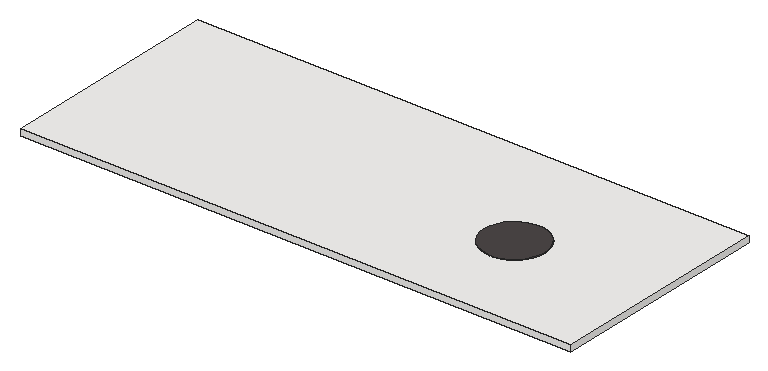
Revit family "console with cutout for bowl without tap hole", category Furniture, Revit 2019 (continued)
Definition of nested family "console 1360_550 with cutout left for bowl without tap hole-54116050-glossy_white-400_content"
  Forms (mm)
    Extrusion 1, solid, visible <- "ContentVisible", detail levels medium+fine
      sketch origin (0, 0, 0) x (1, 0, 0) y (0, 1, 0)
        loop
          line (-340, 0) -> (-340, -297.5) -> (-172, -297.5) -> (-172, -260)
          arc (-172, -260) -> (-165, -253) -> (-158, -260) r 7
          line (-158, -260) -> (-158, -297.5) -> (-75, -297.5)
          arc (-75, -297.5) -> (0, -222.5) -> (75, -297.5) r 75
          line (75, -297.5) -> (158, -297.5) -> (158, -260)
          arc (158, -260) -> (165, -253) -> (172, -260) r 7
          line (172, -260) -> (172, -297.5) -> (1020, -297.5) -> (1020, 0) -> (-340, 0)
      from 0 to 16
    Extrusion 2, solid, visible <- "ContentVisible", detail levels medium+fine
      sketch origin (0, 0, 0) x (1, 0, 0) y (0, 1, 0)
        loop
          line (-340, -297.5) -> (-340, -532)
          arc (-340, -532) -> (-334.728, -544.728) -> (-322, -550) r 18
          line (-322, -550) -> (1002, -550)
          arc (1002, -550) -> (1014.728, -544.728) -> (1020, -532) r 18
          line (1020, -532) -> (1020, -297.5) -> (172, -297.5) -> (172, -335)
          arc (172, -335) -> (165, -342) -> (158, -335) r 7
          line (158, -335) -> (158, -297.5) -> (75, -297.5)
          arc (75, -297.5) -> (0, -372.5) -> (-75, -297.5) r 75
          line (-75, -297.5) -> (-158, -297.5) -> (-158, -335)
          arc (-158, -335) -> (-165, -342) -> (-172, -335) r 7
          line (-172, -335) -> (-172, -297.5) -> (-340, -297.5)
      from 0 to 16
    Extrusion 3, solid, visible <- "ContentVisible", detail levels coarse
      sketch origin (340, -275, 0) x (1, 0, 0) y (0, 1, 0)
        loop
          line (-680, -275) -> (680, -275) -> (680, 275) -> (-680, 275) -> (-680, -275)
      from 0 to 16
  Dimensions and locks
    aligned and locked: level to plane 2
Definition of nested family "console 1360_550 with cutout left for bowl without tap hole-54116230-natural_oak-200_content"
  Parameters (values of type "Console 1360_550 with cutout left for bowl without tap hole-54116230-NATURAL_OAK-200_Content")
    WEIGHT = "12.2"
    UNSPSC = "56 | Furniture and Furnishings"
    UNIFORMATII = "E2010 | Fixed Furnishings"
    UNICLASS2015 = "Pr_40_20_76_94 | Vanity units"
    SURFACE = "NATURAL_OAK"
    SPECIFICATION = "Surfaces:    - 54116050 High Gloss White  - 54116910 Diamond Matt Grey  - 54116230 Natural Oak  - 54116630 Dark Walnut      Specification:"
    REGIONSET = "Worldwide"
    R = 75
    PRODUCTURL = "https://pro.hansgrohe.com/articledetail--54116050"
    PRODUCTGROUP = "console"
    PRODUCTFAMILY = "Xelu Q"
    PERMALINK = "54116XXX"
    OMNICLASS = "23-19 31 17 11 | Bathroom Units"
    OBJECTTYPE = "Object (single object)"
    NN = "Console with cutout for bowl without tap hole"
    NBSYN = "$BASENUMBER.-$ARTNR.-$SURFACE.-$LODLEVEL."
    NB = "Console 1360/550 with cutout left for bowl without tap hole-54116230-NATURAL_OAK-200"
    NAME = "Xelu Q Console 1360/550 with cutout left for bowl without tap hole"
    Model = "Console 1360/550 with cutout left for bowl without tap hole-54116230-NATURAL_OAK-200"
    Manufacturer = "Hansgrohe"
    MASTERFORMAT = "12 35 30.23 | Bathroom Casework"
    LODLEVEL = "200"
    LL = 340
    LINA = "Console 1360/550 with cutout left for bowl without tap hole-54116230-NATURAL_OAK-200"
    L = 1360
    IFC = "Furnishing element"
    GTINCODE = "4059625457818"
    ETIM = "EC011381 | Bathroom furniture set"
    Default Elevation = 1219.2 mm
    DESIGN = "Germany"
    ContentVisible [instance] = yes
    CATALOG = "Hansgrohe"
    BIMOBJECT = "Sanitary: Compound units "
    BASENUMBER = "Console 1360/550 with cutout left for bowl without tap hole"
    ARTNR = "54116230"
  Reference planes
    plane 1 "Center (Front/Back)": y = 0
    plane 2: z = 0
    plane 3 "Center (Left/Right)": x = 0
  Forms (mm)
    Extrusion 1, solid, visible <- "ContentVisible", detail levels medium+fine
      sketch origin (0, 0, 0.5) x (1, 0, 0) y (0, 1, 0)
        loop
          line (-340, 0) -> (-340, -550) -> (1020, -550) -> (1020, 0) -> (-340, 0)
      from 0 to 15
    Extrusion 2, solid, visible <- "ContentVisible", detail levels medium+fine
      sketch origin (0, 0, 0) x (1, 0, 0) y (0, 1, 0)
        loop
          circle (0, -297.5) r 75
      from 0 to 16
    Extrusion 3, solid, visible <- "ContentVisible", detail levels coarse
      sketch origin (340, -275, 0) x (1, 0, 0) y (0, 1, 0)
        loop
          line (-680, -275) -> (680, -275) -> (680, 275) -> (-680, 275) -> (-680, -275)
      from 0 to 16
  Dimensions and locks
    aligned and locked: level to plane 2
Definition of nested family "console 1360_550 with cutout left for bowl without tap hole-54116230-natural_oak-400_content"
  Parameters (values of type "Console 1360_550 with cutout left for bowl without tap hole-54116230-NATURAL_OAK-400_Content")
    WEIGHT = "12.2"
    UNSPSC = "56 | Furniture and Furnishings"
    UNIFORMATII = "E2010 | Fixed Furnishings"
    UNICLASS2015 = "Pr_40_20_76_94 | Vanity units"
    SURFACE = "NATURAL_OAK"
    SPECIFICATION = "Surfaces:    - 54116050 High Gloss White  - 54116910 Diamond Matt Grey  - 54116230 Natural Oak  - 54116630 Dark Walnut      Specification:"
    REGIONSET = "Worldwide"
    R = 75
    PRODUCTURL = "https://pro.hansgrohe.com/articledetail--54116050"
    PRODUCTGROUP = "console"
    PRODUCTFAMILY = "Xelu Q"
    PERMALINK = "54116XXX"
    OMNICLASS = "23-19 31 17 11 | Bathroom Units"
    OBJECTTYPE = "Object (single object)"
    NN = "Console with cutout for bowl without tap hole"
    NBSYN = "$BASENUMBER.-$ARTNR.-$SURFACE.-$LODLEVEL."
    NB = "Console 1360/550 with cutout left for bowl without tap hole-54116230-NATURAL_OAK-400"
    NAME = "Xelu Q Console 1360/550 with cutout left for bowl without tap hole"
    Model = "Console 1360/550 with cutout left for bowl without tap hole-54116230-NATURAL_OAK-400"
    Manufacturer = "Hansgrohe"
    MASTERFORMAT = "12 35 30.23 | Bathroom Casework"
    LODLEVEL = "400"
    LL = 340
    LINA = "Console 1360/550 with cutout left for bowl without tap hole-54116230-NATURAL_OAK-400"
    L = 1360
    IFC = "Furnishing element"
    GTINCODE = "4059625457818"
    ETIM = "EC011381 | Bathroom furniture set"
    Default Elevation = 1219.2 mm
    DESIGN = "Germany"
    ContentVisible [instance] = yes
    CATALOG = "Hansgrohe"
    BIMOBJECT = "Sanitary: Compound units "
    BASENUMBER = "Console 1360/550 with cutout left for bowl without tap hole"
    ARTNR = "54116230"
  Reference planes
    plane 1 "Center (Front/Back)": y = 0
    plane 2: z = 0
    plane 3 "Center (Left/Right)": x = 0
  Forms (mm)
    Extrusion 1, solid, visible <- "ContentVisible", detail levels medium+fine
      sketch origin (0, 0, 0) x (1, 0, 0) y (0, 1, 0)
        loop
          line (-340, 0) -> (-340, -297.5) -> (-172, -297.5) -> (-172, -260)
          arc (-172, -260) -> (-165, -253) -> (-158, -260) r 7
          line (-158, -260) -> (-158, -297.5) -> (-75, -297.5)
          arc (-75, -297.5) -> (0, -222.5) -> (75, -297.5) r 75
          line (75, -297.5) -> (158, -297.5) -> (158, -260)
          arc (158, -260) -> (165, -253) -> (172, -260) r 7
          line (172, -260) -> (172, -297.5) -> (1020, -297.5) -> (1020, 0) -> (-340, 0)
      from 0 to 16
    Extrusion 2, solid, visible <- "ContentVisible", detail levels medium+fine
      sketch origin (0, 0, 0) x (1, 0, 0) y (0, 1, 0)
        loop
          line (-340, -297.5) -> (-340, -532)
          arc (-340, -532) -> (-334.728, -544.728) -> (-322, -550) r 18
          line (-322, -550) -> (1002, -550)
          arc (1002, -550) -> (1014.728, -544.728) -> (1020, -532) r 18
          line (1020, -532) -> (1020, -297.5) -> (172, -297.5) -> (172, -335)
          arc (172, -335) -> (165, -342) -> (158, -335) r 7
          line (158, -335) -> (158, -297.5) -> (75, -297.5)
          arc (75, -297.5) -> (0, -372.5) -> (-75, -297.5) r 75
          line (-75, -297.5) -> (-158, -297.5) -> (-158, -335)
          arc (-158, -335) -> (-165, -342) -> (-172, -335) r 7
          line (-172, -335) -> (-172, -297.5) -> (-340, -297.5)
      from 0 to 16
    Extrusion 3, solid, visible <- "ContentVisible", detail levels coarse
      sketch origin (340, -275, 0) x (1, 0, 0) y (0, 1, 0)
        loop
          line (-680, -275) -> (680, -275) -> (680, 275) -> (-680, 275) -> (-680, -275)
      from 0 to 16
  Dimensions and locks
    aligned and locked: level to plane 2
Definition of nested family "console 1360_550 with cutout left for bowl without tap hole-54116630-dark_walnut-200_content"
  Parameters (values of type "Console 1360_550 with cutout left for bowl without tap hole-54116630-DARK_WALNUT-200_Content")
    WEIGHT = "12.2"
    UNSPSC = "56 | Furniture and Furnishings"
    UNIFORMATII = "E2010 | Fixed Furnishings"
    UNICLASS2015 = "Pr_40_20_76_94 | Vanity units"
    SURFACE = "DARK_WALNUT"
    SPECIFICATION = "Surfaces:    - 54116050 High Gloss White  - 54116910 Diamond Matt Grey  - 54116230 Natural Oak  - 54116630 Dark Walnut      Specification:"
    REGIONSET = "Worldwide"
    R = 75
    PRODUCTURL = "https://pro.hansgrohe.com/articledetail--54116050"
    PRODUCTGROUP = "console"
    PRODUCTFAMILY = "Xelu Q"
    PERMALINK = "54116XXX"
    OMNICLASS = "23-19 31 17 11 | Bathroom Units"
    OBJECTTYPE = "Object (single object)"
    NN = "Console with cutout for bowl without tap hole"
    NBSYN = "$BASENUMBER.-$ARTNR.-$SURFACE.-$LODLEVEL."
    NB = "Console 1360/550 with cutout left for bowl without tap hole-54116630-DARK_WALNUT-200"
    NAME = "Xelu Q Console 1360/550 with cutout left for bowl without tap hole"
    Model = "Console 1360/550 with cutout left for bowl without tap hole-54116630-DARK_WALNUT-200"
    Manufacturer = "Hansgrohe"
    MASTERFORMAT = "12 35 30.23 | Bathroom Casework"
    LODLEVEL = "200"
    LL = 340
    LINA = "Console 1360/550 with cutout left for bowl without tap hole-54116630-DARK_WALNUT-200"
    L = 1360
    IFC = "Furnishing element"
    GTINCODE = "4059625457818"
    ETIM = "EC011381 | Bathroom furniture set"
    Default Elevation = 1219.2 mm
    DESIGN = "Germany"
    ContentVisible [instance] = yes
    CATALOG = "Hansgrohe"
    BIMOBJECT = "Sanitary: Compound units "
    BASENUMBER = "Console 1360/550 with cutout left for bowl without tap hole"
    ARTNR = "54116630"
  Reference planes
    plane 1 "Center (Front/Back)": y = 0
    plane 2: z = 0
    plane 3 "Center (Left/Right)": x = 0
  Forms (mm)
    Extrusion 1, solid, visible <- "ContentVisible", detail levels medium+fine
      sketch origin (0, 0, 0.5) x (1, 0, 0) y (0, 1, 0)
        loop
          line (-340, 0) -> (-340, -550) -> (1020, -550) -> (1020, 0) -> (-340, 0)
      from 0 to 15
    Extrusion 2, solid, visible <- "ContentVisible", detail levels medium+fine
      sketch origin (0, 0, 0) x (1, 0, 0) y (0, 1, 0)
        loop
          circle (0, -297.5) r 75
      from 0 to 16
    Extrusion 3, solid, visible <- "ContentVisible", detail levels coarse
      sketch origin (340, -275, 0) x (1, 0, 0) y (0, 1, 0)
        loop
          line (-680, -275) -> (680, -275) -> (680, 275) -> (-680, 275) -> (-680, -275)
      from 0 to 16
  Dimensions and locks
    aligned and locked: level to plane 2
Definition of nested family "console 1360_550 with cutout left for bowl without tap hole-54116630-dark_walnut-400_content"
  Parameters (values of type "Console 1360_550 with cutout left for bowl without tap hole-54116630-DARK_WALNUT-400_Content")
    WEIGHT = "12.2"
    UNSPSC = "56 | Furniture and Furnishings"
    UNIFORMATII = "E2010 | Fixed Furnishings"
    UNICLASS2015 = "Pr_40_20_76_94 | Vanity units"
    SURFACE = "DARK_WALNUT"
    SPECIFICATION = "Surfaces:    - 54116050 High Gloss White  - 54116910 Diamond Matt Grey  - 54116230 Natural Oak  - 54116630 Dark Walnut      Specification:"
    REGIONSET = "Worldwide"
    R = 75
    PRODUCTURL = "https://pro.hansgrohe.com/articledetail--54116050"
    PRODUCTGROUP = "console"
    PRODUCTFAMILY = "Xelu Q"
    PERMALINK = "54116XXX"
    OMNICLASS = "23-19 31 17 11 | Bathroom Units"
    OBJECTTYPE = "Object (single object)"
    NN = "Console with cutout for bowl without tap hole"
    NBSYN = "$BASENUMBER.-$ARTNR.-$SURFACE.-$LODLEVEL."
    NB = "Console 1360/550 with cutout left for bowl without tap hole-54116630-DARK_WALNUT-400"
    NAME = "Xelu Q Console 1360/550 with cutout left for bowl without tap hole"
    Model = "Console 1360/550 with cutout left for bowl without tap hole-54116630-DARK_WALNUT-400"
    Manufacturer = "Hansgrohe"
    MASTERFORMAT = "12 35 30.23 | Bathroom Casework"
    LODLEVEL = "400"
    LL = 340
    LINA = "Console 1360/550 with cutout left for bowl without tap hole-54116630-DARK_WALNUT-400"
    L = 1360
    IFC = "Furnishing element"
    GTINCODE = "4059625457818"
    ETIM = "EC011381 | Bathroom furniture set"
    Default Elevation = 1219.2 mm
    DESIGN = "Germany"
    ContentVisible [instance] = yes
    CATALOG = "Hansgrohe"
    BIMOBJECT = "Sanitary: Compound units "
    BASENUMBER = "Console 1360/550 with cutout left for bowl without tap hole"
    ARTNR = "54116630"
  Reference planes
    plane 1 "Center (Front/Back)": y = 0
    plane 2: z = 0
    plane 3 "Center (Left/Right)": x = 0
  Forms (mm)
    Extrusion 1, solid, visible <- "ContentVisible", detail levels medium+fine
      sketch origin (0, 0, 0) x (1, 0, 0) y (0, 1, 0)
        loop
          line (-340, 0) -> (-340, -297.5) -> (-172, -297.5) -> (-172, -260)
          arc (-172, -260) -> (-165, -253) -> (-158, -260) r 7
          line (-158, -260) -> (-158, -297.5) -> (-75, -297.5)
          arc (-75, -297.5) -> (0, -222.5) -> (75, -297.5) r 75
          line (75, -297.5) -> (158, -297.5) -> (158, -260)
          arc (158, -260) -> (165, -253) -> (172, -260) r 7
          line (172, -260) -> (172, -297.5) -> (1020, -297.5) -> (1020, 0) -> (-340, 0)
      from 0 to 16
    Extrusion 2, solid, visible <- "ContentVisible", detail levels medium+fine
      sketch origin (0, 0, 0) x (1, 0, 0) y (0, 1, 0)
        loop
          line (-340, -297.5) -> (-340, -532)
          arc (-340, -532) -> (-334.728, -544.728) -> (-322, -550) r 18
          line (-322, -550) -> (1002, -550)
          arc (1002, -550) -> (1014.728, -544.728) -> (1020, -532) r 18
          line (1020, -532) -> (1020, -297.5) -> (172, -297.5) -> (172, -335)
          arc (172, -335) -> (165, -342) -> (158, -335) r 7
          line (158, -335) -> (158, -297.5) -> (75, -297.5)
          arc (75, -297.5) -> (0, -372.5) -> (-75, -297.5) r 75
          line (-75, -297.5) -> (-158, -297.5) -> (-158, -335)
          arc (-158, -335) -> (-165, -342) -> (-172, -335) r 7
          line (-172, -335) -> (-172, -297.5) -> (-340, -297.5)
      from 0 to 16
    Extrusion 3, solid, visible <- "ContentVisible", detail levels coarse
      sketch origin (340, -275, 0) x (1, 0, 0) y (0, 1, 0)
        loop
          line (-680, -275) -> (680, -275) -> (680, 275) -> (-680, 275) -> (-680, -275)
      from 0 to 16
  Dimensions and locks
    aligned and locked: level to plane 2
Definition of nested family "console 1360_550 with cutout left for bowl without tap hole-54116910-diamond_grey-200_content"
  Parameters (values of type "Console 1360_550 with cutout left for bowl without tap hole-54116910-DIAMOND_GREY-200_Content")
    WEIGHT = "12.2"
    UNSPSC = "56 | Furniture and Furnishings"
    UNIFORMATII = "E2010 | Fixed Furnishings"
    UNICLASS2015 = "Pr_40_20_76_94 | Vanity units"
    SURFACE = "DIAMOND_GREY"
    SPECIFICATION = "Surfaces:    - 54116050 High Gloss White  - 54116910 Diamond Matt Grey  - 54116230 Natural Oak  - 54116630 Dark Walnut      Specification:"
    REGIONSET = "Worldwide"
    R = 75
    PRODUCTURL = "https://pro.hansgrohe.com/articledetail--54116050"
    PRODUCTGROUP = "console"
    PRODUCTFAMILY = "Xelu Q"
    PERMALINK = "54116XXX"
    OMNICLASS = "23-19 31 17 11 | Bathroom Units"
    OBJECTTYPE = "Object (single object)"
    NN = "Console with cutout for bowl without tap hole"
    NBSYN = "$BASENUMBER.-$ARTNR.-$SURFACE.-$LODLEVEL."
    NB = "Console 1360/550 with cutout left for bowl without tap hole-54116910-DIAMOND_GREY-200"
    NAME = "Xelu Q Console 1360/550 with cutout left for bowl without tap hole"
    Model = "Console 1360/550 with cutout left for bowl without tap hole-54116910-DIAMOND_GREY-200"
    Manufacturer = "Hansgrohe"
    MASTERFORMAT = "12 35 30.23 | Bathroom Casework"
    LODLEVEL = "200"
    LL = 340
    LINA = "Console 1360/550 with cutout left for bowl without tap hole-54116910-DIAMOND_GREY-200"
    L = 1360
    IFC = "Furnishing element"
    GTINCODE = "4059625457818"
    ETIM = "EC011381 | Bathroom furniture set"
    Default Elevation = 1219.2 mm
    DESIGN = "Germany"
    ContentVisible [instance] = yes
    CATALOG = "Hansgrohe"
    BIMOBJECT = "Sanitary: Compound units "
    BASENUMBER = "Console 1360/550 with cutout left for bowl without tap hole"
    ARTNR = "54116910"
  Reference planes
    plane 1 "Center (Front/Back)": y = 0
    plane 2: z = 0
    plane 3 "Center (Left/Right)": x = 0
  Forms (mm)
    Extrusion 1, solid, visible <- "ContentVisible", detail levels medium+fine
      sketch origin (0, 0, 0.5) x (1, 0, 0) y (0, 1, 0)
        loop
          line (-340, 0) -> (-340, -550) -> (1020, -550) -> (1020, 0) -> (-340, 0)
      from 0 to 15
    Extrusion 2, solid, visible <- "ContentVisible", detail levels medium+fine
      sketch origin (0, 0, 0) x (1, 0, 0) y (0, 1, 0)
        loop
          circle (0, -297.5) r 75
      from 0 to 16
    Extrusion 3, solid, visible <- "ContentVisible", detail levels coarse
      sketch origin (340, -275, 0) x (1, 0, 0) y (0, 1, 0)
        loop
          line (-680, -275) -> (680, -275) -> (680, 275) -> (-680, 275) -> (-680, -275)
      from 0 to 16
  Dimensions and locks
    aligned and locked: level to plane 2
Definition of nested family "console 1360_550 with cutout left for bowl without tap hole-54116910-diamond_grey-400_content"
  Parameters (values of type "Console 1360_550 with cutout left for bowl without tap hole-54116910-DIAMOND_GREY-400_Content")
    WEIGHT = "12.2"
    UNSPSC = "56 | Furniture and Furnishings"
    UNIFORMATII = "E2010 | Fixed Furnishings"
    UNICLASS2015 = "Pr_40_20_76_94 | Vanity units"
    SURFACE = "DIAMOND_GREY"
    SPECIFICATION = "Surfaces:    - 54116050 High Gloss White  - 54116910 Diamond Matt Grey  - 54116230 Natural Oak  - 54116630 Dark Walnut      Specification:"
    REGIONSET = "Worldwide"
    R = 75
    PRODUCTURL = "https://pro.hansgrohe.com/articledetail--54116050"
    PRODUCTGROUP = "console"
    PRODUCTFAMILY = "Xelu Q"
    PERMALINK = "54116XXX"
    OMNICLASS = "23-19 31 17 11 | Bathroom Units"
    OBJECTTYPE = "Object (single object)"
    NN = "Console with cutout for bowl without tap hole"
    NBSYN = "$BASENUMBER.-$ARTNR.-$SURFACE.-$LODLEVEL."
    NB = "Console 1360/550 with cutout left for bowl without tap hole-54116910-DIAMOND_GREY-400"
    NAME = "Xelu Q Console 1360/550 with cutout left for bowl without tap hole"
    Model = "Console 1360/550 with cutout left for bowl without tap hole-54116910-DIAMOND_GREY-400"
    Manufacturer = "Hansgrohe"
    MASTERFORMAT = "12 35 30.23 | Bathroom Casework"
    LODLEVEL = "400"
    LL = 340
    LINA = "Console 1360/550 with cutout left for bowl without tap hole-54116910-DIAMOND_GREY-400"
    L = 1360
    IFC = "Furnishing element"
    GTINCODE = "4059625457818"
    ETIM = "EC011381 | Bathroom furniture set"
    Default Elevation = 1219.2 mm
    DESIGN = "Germany"
    ContentVisible [instance] = yes
    CATALOG = "Hansgrohe"
    BIMOBJECT = "Sanitary: Compound units "
    BASENUMBER = "Console 1360/550 with cutout left for bowl without tap hole"
    ARTNR = "54116910"
  Reference planes
    plane 1 "Center (Front/Back)": y = 0
    plane 2: z = 0
    plane 3 "Center (Left/Right)": x = 0
  Forms (mm)
    Extrusion 1, solid, visible <- "ContentVisible", detail levels medium+fine
      sketch origin (0, 0, 0) x (1, 0, 0) y (0, 1, 0)
        loop
          line (-340, 0) -> (-340, -297.5) -> (-172, -297.5) -> (-172, -260)
          arc (-172, -260) -> (-165, -253) -> (-158, -260) r 7
          line (-158, -260) -> (-158, -297.5) -> (-75, -297.5)
          arc (-75, -297.5) -> (0, -222.5) -> (75, -297.5) r 75
          line (75, -297.5) -> (158, -297.5) -> (158, -260)
          arc (158, -260) -> (165, -253) -> (172, -260) r 7
          line (172, -260) -> (172, -297.5) -> (1020, -297.5) -> (1020, 0) -> (-340, 0)
      from 0 to 16
    Extrusion 2, solid, visible <- "ContentVisible", detail levels medium+fine
      sketch origin (0, 0, 0) x (1, 0, 0) y (0, 1, 0)
        loop
          line (-340, -297.5) -> (-340, -532)
          arc (-340, -532) -> (-334.728, -544.728) -> (-322, -550) r 18
          line (-322, -550) -> (1002, -550)
          arc (1002, -550) -> (1014.728, -544.728) -> (1020, -532) r 18
          line (1020, -532) -> (1020, -297.5) -> (172, -297.5) -> (172, -335)
          arc (172, -335) -> (165, -342) -> (158, -335) r 7
          line (158, -335) -> (158, -297.5) -> (75, -297.5)
          arc (75, -297.5) -> (0, -372.5) -> (-75, -297.5) r 75
          line (-75, -297.5) -> (-158, -297.5) -> (-158, -335)
          arc (-158, -335) -> (-165, -342) -> (-172, -335) r 7
          line (-172, -335) -> (-172, -297.5) -> (-340, -297.5)
      from 0 to 16
    Extrusion 3, solid, visible <- "ContentVisible", detail levels coarse
      sketch origin (340, -275, 0) x (1, 0, 0) y (0, 1, 0)
        loop
          line (-680, -275) -> (680, -275) -> (680, 275) -> (-680, 275) -> (-680, -275)
      from 0 to 16
  Dimensions and locks
    aligned and locked: level to plane 2
Definition of nested family "console 1360_550 with cutout right for bowl without tap hole-54117050-glossy_white-400_content"
  Parameters (values of type "Console 1360_550 with cutout right for bowl without tap hole-54117050-GLOSSY_WHITE-400_Content")
    WEIGHT = "12.2"
    UNSPSC = "56 | Furniture and Furnishings"
    UNIFORMATII = "E2010 | Fixed Furnishings"
    UNICLASS2015 = "Pr_40_20_76_94 | Vanity units"
    SURFACE = "GLOSSY_WHITE"
    SPECIFICATION = "Surfaces:    - 54117050 High Gloss White  - 54117910 Diamond Matt Grey  - 54117230 Natural Oak  - 54117630 Dark Walnut      Specification:"
    REGIONSET = "Worldwide"
    R = 75
    PRODUCTURL = "https://pro.hansgrohe.com/articledetail--54117050"
    PRODUCTGROUP = "console"
    PRODUCTFAMILY = "Xelu Q"
    PERMALINK = "54117XXX"
    OMNICLASS = "23-19 31 17 11 | Bathroom Units"
    OBJECTTYPE = "Object (single object)"
    NN = "Console with cutout for bowl without tap hole"
    NBSYN = "$BASENUMBER.-$ARTNR.-$SURFACE.-$LODLEVEL."
    NB = "Console 1360/550 with cutout right for bowl without tap hole-54117050-GLOSSY_WHITE-400"
    NAME = "Xelu Q Console 1360/550 with cutout right for bowl without tap hole"
    Model = "Console 1360/550 with cutout right for bowl without tap hole-54117050-GLOSSY_WHITE-400"
    Manufacturer = "Hansgrohe"
    MASTERFORMAT = "12 35 30.23 | Bathroom Casework"
    LODLEVEL = "400"
    LL = 1020
    LINA = "Console 1360/550 with cutout right for bowl without tap hole-54117050-GLOSSY_WHITE-400"
    L = 1360
    IFC = "Furnishing element"
    GTINCODE = "4059625457771"
    ETIM = "EC011381 | Bathroom furniture set"
    Default Elevation = 1219.2 mm
    DESIGN = "Germany"
    ContentVisible [instance] = yes
    CATALOG = "Hansgrohe"
    BIMOBJECT = "Sanitary: Compound units "
    BASENUMBER = "Console 1360/550 with cutout right for bowl without tap hole"
    ARTNR = "54117050"
  Reference planes
    plane 1 "Center (Front/Back)": y = 0
    plane 2: z = 0
    plane 3 "Center (Left/Right)": x = 0
  Forms (mm)
    Extrusion 1, solid, visible <- "ContentVisible", detail levels medium+fine
      sketch origin (0, 0, 0) x (1, 0, 0) y (0, 1, 0)
        loop
          line (-1020, 0) -> (-1020, -297.5) -> (-172, -297.5) -> (-172, -260)
          arc (-172, -260) -> (-165, -253) -> (-158, -260) r 7
          line (-158, -260) -> (-158, -297.5) -> (-75, -297.5)
          arc (-75, -297.5) -> (0, -222.5) -> (75, -297.5) r 75
          line (75, -297.5) -> (158, -297.5) -> (158, -260)
          arc (158, -260) -> (165, -253) -> (172, -260) r 7
          line (172, -260) -> (172, -297.5) -> (340, -297.5) -> (340, 0) -> (-1020, 0)
      from 0 to 16
    Extrusion 2, solid, visible <- "ContentVisible", detail levels medium+fine
      sketch origin (0, 0, 0) x (1, 0, 0) y (0, 1, 0)
        loop
          line (-1020, -297.5) -> (-1020, -532)
          arc (-1020, -532) -> (-1014.728, -544.728) -> (-1002, -550) r 18
          line (-1002, -550) -> (322, -550)
          arc (322, -550) -> (334.728, -544.728) -> (340, -532) r 18
          line (340, -532) -> (340, -297.5) -> (172, -297.5) -> (172, -335)
          arc (172, -335) -> (165, -342) -> (158, -335) r 7
          line (158, -335) -> (158, -297.5) -> (75, -297.5)
          arc (75, -297.5) -> (0, -372.5) -> (-75, -297.5) r 75
          line (-75, -297.5) -> (-158, -297.5) -> (-158, -335)
          arc (-158, -335) -> (-165, -342) -> (-172, -335) r 7
          line (-172, -335) -> (-172, -297.5) -> (-1020, -297.5)
      from 0 to 16
    Extrusion 3, solid, visible <- "ContentVisible", detail levels coarse
      sketch origin (-340, -275, 0) x (1, 0, 0) y (0, 1, 0)
        loop
          line (-680, -275) -> (680, -275) -> (680, 275) -> (-680, 275) -> (-680, -275)
      from 0 to 16
  Dimensions and locks
    aligned and locked: level to plane 2
Definition of nested family "console 1360_550 with cutout right for bowl without tap hole-54117230-natural_oak-200_content"
  Parameters (values of type "Console 1360_550 with cutout right for bowl without tap hole-54117230-NATURAL_OAK-200_Content")
    WEIGHT = "12.2"
    UNSPSC = "56 | Furniture and Furnishings"
    UNIFORMATII = "E2010 | Fixed Furnishings"
    UNICLASS2015 = "Pr_40_20_76_94 | Vanity units"
    SURFACE = "NATURAL_OAK"
    SPECIFICATION = "Surfaces:    - 54117050 High Gloss White  - 54117910 Diamond Matt Grey  - 54117230 Natural Oak  - 54117630 Dark Walnut      Specification:"
    REGIONSET = "Worldwide"
    R = 75
    PRODUCTURL = "https://pro.hansgrohe.com/articledetail--54117050"
    PRODUCTGROUP = "console"
    PRODUCTFAMILY = "Xelu Q"
    PERMALINK = "54117XXX"
    OMNICLASS = "23-19 31 17 11 | Bathroom Units"
    OBJECTTYPE = "Object (single object)"
    NN = "Console with cutout for bowl without tap hole"
    NBSYN = "$BASENUMBER.-$ARTNR.-$SURFACE.-$LODLEVEL."
    NB = "Console 1360/550 with cutout right for bowl without tap hole-54117230-NATURAL_OAK-200"
    NAME = "Xelu Q Console 1360/550 with cutout right for bowl without tap hole"
    Model = "Console 1360/550 with cutout right for bowl without tap hole-54117230-NATURAL_OAK-200"
    Manufacturer = "Hansgrohe"
    MASTERFORMAT = "12 35 30.23 | Bathroom Casework"
    LODLEVEL = "200"
    LL = 1020
    LINA = "Console 1360/550 with cutout right for bowl without tap hole-54117230-NATURAL_OAK-200"
    L = 1360
    IFC = "Furnishing element"
    GTINCODE = "4059625457771"
    ETIM = "EC011381 | Bathroom furniture set"
    Default Elevation = 1219.2 mm
    DESIGN = "Germany"
    ContentVisible [instance] = yes
    CATALOG = "Hansgrohe"
    BIMOBJECT = "Sanitary: Compound units "
    BASENUMBER = "Console 1360/550 with cutout right for bowl without tap hole"
    ARTNR = "54117230"
  Reference planes
    plane 1 "Center (Front/Back)": y = 0
    plane 2: z = 0
    plane 3 "Center (Left/Right)": x = 0
  Forms (mm)
    Extrusion 1, solid, visible <- "ContentVisible", detail levels medium+fine
      sketch origin (0, 0, 0.5) x (1, 0, 0) y (0, 1, 0)
        loop
          line (-1020, 0) -> (-1020, -550) -> (340, -550) -> (340, 0) -> (-1020, 0)
      from 0 to 15
    Extrusion 2, solid, visible <- "ContentVisible", detail levels medium+fine
      sketch origin (0, 0, 0) x (1, 0, 0) y (0, 1, 0)
        loop
          circle (0, -297.5) r 75
      from 0 to 16
    Extrusion 3, solid, visible <- "ContentVisible", detail levels coarse
      sketch origin (-340, -275, 0) x (1, 0, 0) y (0, 1, 0)
        loop
          line (-680, -275) -> (680, -275) -> (680, 275) -> (-680, 275) -> (-680, -275)
      from 0 to 16
  Dimensions and locks
    aligned and locked: level to plane 2
Definition of nested family "console 1360_550 with cutout right for bowl without tap hole-54117230-natural_oak-400_content"
  Parameters (values of type "Console 1360_550 with cutout right for bowl without tap hole-54117230-NATURAL_OAK-400_Content")
    WEIGHT = "12.2"
    UNSPSC = "56 | Furniture and Furnishings"
    UNIFORMATII = "E2010 | Fixed Furnishings"
    UNICLASS2015 = "Pr_40_20_76_94 | Vanity units"
    SURFACE = "NATURAL_OAK"
    SPECIFICATION = "Surfaces:    - 54117050 High Gloss White  - 54117910 Diamond Matt Grey  - 54117230 Natural Oak  - 54117630 Dark Walnut      Specification:"
    REGIONSET = "Worldwide"
    R = 75
    PRODUCTURL = "https://pro.hansgrohe.com/articledetail--54117050"
    PRODUCTGROUP = "console"
    PRODUCTFAMILY = "Xelu Q"
    PERMALINK = "54117XXX"
    OMNICLASS = "23-19 31 17 11 | Bathroom Units"
    OBJECTTYPE = "Object (single object)"
    NN = "Console with cutout for bowl without tap hole"
    NBSYN = "$BASENUMBER.-$ARTNR.-$SURFACE.-$LODLEVEL."
    NB = "Console 1360/550 with cutout right for bowl without tap hole-54117230-NATURAL_OAK-400"
    NAME = "Xelu Q Console 1360/550 with cutout right for bowl without tap hole"
    Model = "Console 1360/550 with cutout right for bowl without tap hole-54117230-NATURAL_OAK-400"
    Manufacturer = "Hansgrohe"
    MASTERFORMAT = "12 35 30.23 | Bathroom Casework"
    LODLEVEL = "400"
    LL = 1020
    LINA = "Console 1360/550 with cutout right for bowl without tap hole-54117230-NATURAL_OAK-400"
    L = 1360
    IFC = "Furnishing element"
    GTINCODE = "4059625457771"
    ETIM = "EC011381 | Bathroom furniture set"
    Default Elevation = 1219.2 mm
    DESIGN = "Germany"
    ContentVisible [instance] = yes
    CATALOG = "Hansgrohe"
    BIMOBJECT = "Sanitary: Compound units "
    BASENUMBER = "Console 1360/550 with cutout right for bowl without tap hole"
    ARTNR = "54117230"
  Reference planes
    plane 1 "Center (Front/Back)": y = 0
    plane 2: z = 0
    plane 3 "Center (Left/Right)": x = 0
  Forms (mm)
    Extrusion 1, solid, visible <- "ContentVisible", detail levels medium+fine
      sketch origin (0, 0, 0) x (1, 0, 0) y (0, 1, 0)
        loop
          line (-1020, 0) -> (-1020, -297.5) -> (-172, -297.5) -> (-172, -260)
          arc (-172, -260) -> (-165, -253) -> (-158, -260) r 7
          line (-158, -260) -> (-158, -297.5) -> (-75, -297.5)
          arc (-75, -297.5) -> (0, -222.5) -> (75, -297.5) r 75
          line (75, -297.5) -> (158, -297.5) -> (158, -260)
          arc (158, -260) -> (165, -253) -> (172, -260) r 7
          line (172, -260) -> (172, -297.5) -> (340, -297.5) -> (340, 0) -> (-1020, 0)
      from 0 to 16
    Extrusion 2, solid, visible <- "ContentVisible", detail levels medium+fine
      sketch origin (0, 0, 0) x (1, 0, 0) y (0, 1, 0)
        loop
          line (-1020, -297.5) -> (-1020, -532)
          arc (-1020, -532) -> (-1014.728, -544.728) -> (-1002, -550) r 18
          line (-1002, -550) -> (322, -550)
          arc (322, -550) -> (334.728, -544.728) -> (340, -532) r 18
          line (340, -532) -> (340, -297.5) -> (172, -297.5) -> (172, -335)
          arc (172, -335) -> (165, -342) -> (158, -335) r 7
          line (158, -335) -> (158, -297.5) -> (75, -297.5)
          arc (75, -297.5) -> (0, -372.5) -> (-75, -297.5) r 75
          line (-75, -297.5) -> (-158, -297.5) -> (-158, -335)
          arc (-158, -335) -> (-165, -342) -> (-172, -335) r 7
          line (-172, -335) -> (-172, -297.5) -> (-1020, -297.5)
      from 0 to 16
    Extrusion 3, solid, visible <- "ContentVisible", detail levels coarse
      sketch origin (-340, -275, 0) x (1, 0, 0) y (0, 1, 0)
        loop
          line (-680, -275) -> (680, -275) -> (680, 275) -> (-680, 275) -> (-680, -275)
      from 0 to 16
  Dimensions and locks
    aligned and locked: level to plane 2
Definition of nested family "console 1360_550 with cutout right for bowl without tap hole-54117630-dark_walnut-200_content"
  Parameters (values of type "Console 1360_550 with cutout right for bowl without tap hole-54117630-DARK_WALNUT-200_Content")
    WEIGHT = "12.2"
    UNSPSC = "56 | Furniture and Furnishings"
    UNIFORMATII = "E2010 | Fixed Furnishings"
    UNICLASS2015 = "Pr_40_20_76_94 | Vanity units"
    SURFACE = "DARK_WALNUT"
    SPECIFICATION = "Surfaces:    - 54117050 High Gloss White  - 54117910 Diamond Matt Grey  - 54117230 Natural Oak  - 54117630 Dark Walnut      Specification:"
    REGIONSET = "Worldwide"
    R = 75
    PRODUCTURL = "https://pro.hansgrohe.com/articledetail--54117050"
    PRODUCTGROUP = "console"
    PRODUCTFAMILY = "Xelu Q"
    PERMALINK = "54117XXX"
    OMNICLASS = "23-19 31 17 11 | Bathroom Units"
    OBJECTTYPE = "Object (single object)"
    NN = "Console with cutout for bowl without tap hole"
    NBSYN = "$BASENUMBER.-$ARTNR.-$SURFACE.-$LODLEVEL."
    NB = "Console 1360/550 with cutout right for bowl without tap hole-54117630-DARK_WALNUT-200"
    NAME = "Xelu Q Console 1360/550 with cutout right for bowl without tap hole"
    Model = "Console 1360/550 with cutout right for bowl without tap hole-54117630-DARK_WALNUT-200"
    Manufacturer = "Hansgrohe"
    MASTERFORMAT = "12 35 30.23 | Bathroom Casework"
    LODLEVEL = "200"
    LL = 1020
    LINA = "Console 1360/550 with cutout right for bowl without tap hole-54117630-DARK_WALNUT-200"
    L = 1360
    IFC = "Furnishing element"
    GTINCODE = "4059625457771"
    ETIM = "EC011381 | Bathroom furniture set"
    Default Elevation = 1219.2 mm
    DESIGN = "Germany"
    ContentVisible [instance] = yes
    CATALOG = "Hansgrohe"
    BIMOBJECT = "Sanitary: Compound units "
    BASENUMBER = "Console 1360/550 with cutout right for bowl without tap hole"
    ARTNR = "54117630"
  Reference planes
    plane 1 "Center (Front/Back)": y = 0
    plane 2: z = 0
    plane 3 "Center (Left/Right)": x = 0
  Forms (mm)
    Extrusion 1, solid, visible <- "ContentVisible", detail levels medium+fine
      sketch origin (0, 0, 0.5) x (1, 0, 0) y (0, 1, 0)
        loop
          line (-1020, 0) -> (-1020, -550) -> (340, -550) -> (340, 0) -> (-1020, 0)
      from 0 to 15
    Extrusion 2, solid, visible <- "ContentVisible", detail levels medium+fine
      sketch origin (0, 0, 0) x (1, 0, 0) y (0, 1, 0)
        loop
          circle (0, -297.5) r 75
      from 0 to 16
    Extrusion 3, solid, visible <- "ContentVisible", detail levels coarse
      sketch origin (-340, -275, 0) x (1, 0, 0) y (0, 1, 0)
        loop
          line (-680, -275) -> (680, -275) -> (680, 275) -> (-680, 275) -> (-680, -275)
      from 0 to 16
  Dimensions and locks
    aligned and locked: level to plane 2
Definition of nested family "console 1360_550 with cutout right for bowl without tap hole-54117630-dark_walnut-400_content"
  Parameters (values of type "Console 1360_550 with cutout right for bowl without tap hole-54117630-DARK_WALNUT-400_Content")
    WEIGHT = "12.2"
    UNSPSC = "56 | Furniture and Furnishings"
    UNIFORMATII = "E2010 | Fixed Furnishings"
    UNICLASS2015 = "Pr_40_20_76_94 | Vanity units"
    SURFACE = "DARK_WALNUT"
    SPECIFICATION = "Surfaces:    - 54117050 High Gloss White  - 54117910 Diamond Matt Grey  - 54117230 Natural Oak  - 54117630 Dark Walnut      Specification:"
    REGIONSET = "Worldwide"
    R = 75
    PRODUCTURL = "https://pro.hansgrohe.com/articledetail--54117050"
    PRODUCTGROUP = "console"
    PRODUCTFAMILY = "Xelu Q"
    PERMALINK = "54117XXX"
    OMNICLASS = "23-19 31 17 11 | Bathroom Units"
    OBJECTTYPE = "Object (single object)"
    NN = "Console with cutout for bowl without tap hole"
    NBSYN = "$BASENUMBER.-$ARTNR.-$SURFACE.-$LODLEVEL."
    NB = "Console 1360/550 with cutout right for bowl without tap hole-54117630-DARK_WALNUT-400"
    NAME = "Xelu Q Console 1360/550 with cutout right for bowl without tap hole"
    Model = "Console 1360/550 with cutout right for bowl without tap hole-54117630-DARK_WALNUT-400"
    Manufacturer = "Hansgrohe"
    MASTERFORMAT = "12 35 30.23 | Bathroom Casework"
    LODLEVEL = "400"
    LL = 1020
    LINA = "Console 1360/550 with cutout right for bowl without tap hole-54117630-DARK_WALNUT-400"
    L = 1360
    IFC = "Furnishing element"
    GTINCODE = "4059625457771"
    ETIM = "EC011381 | Bathroom furniture set"
    Default Elevation = 1219.2 mm
    DESIGN = "Germany"
    ContentVisible [instance] = yes
    CATALOG = "Hansgrohe"
    BIMOBJECT = "Sanitary: Compound units "
    BASENUMBER = "Console 1360/550 with cutout right for bowl without tap hole"
    ARTNR = "54117630"
  Reference planes
    plane 1 "Center (Front/Back)": y = 0
    plane 2: z = 0
    plane 3 "Center (Left/Right)": x = 0
  Forms (mm)
    Extrusion 1, solid, visible <- "ContentVisible", detail levels medium+fine
      sketch origin (0, 0, 0) x (1, 0, 0) y (0, 1, 0)
        loop
          line (-1020, 0) -> (-1020, -297.5) -> (-172, -297.5) -> (-172, -260)
          arc (-172, -260) -> (-165, -253) -> (-158, -260) r 7
          line (-158, -260) -> (-158, -297.5) -> (-75, -297.5)
          arc (-75, -297.5) -> (0, -222.5) -> (75, -297.5) r 75
          line (75, -297.5) -> (158, -297.5) -> (158, -260)
          arc (158, -260) -> (165, -253) -> (172, -260) r 7
          line (172, -260) -> (172, -297.5) -> (340, -297.5) -> (340, 0) -> (-1020, 0)
      from 0 to 16
    Extrusion 2, solid, visible <- "ContentVisible", detail levels medium+fine
      sketch origin (0, 0, 0) x (1, 0, 0) y (0, 1, 0)
        loop
          line (-1020, -297.5) -> (-1020, -532)
          arc (-1020, -532) -> (-1014.728, -544.728) -> (-1002, -550) r 18
          line (-1002, -550) -> (322, -550)
          arc (322, -550) -> (334.728, -544.728) -> (340, -532) r 18
          line (340, -532) -> (340, -297.5) -> (172, -297.5) -> (172, -335)
          arc (172, -335) -> (165, -342) -> (158, -335) r 7
          line (158, -335) -> (158, -297.5) -> (75, -297.5)
          arc (75, -297.5) -> (0, -372.5) -> (-75, -297.5) r 75
          line (-75, -297.5) -> (-158, -297.5) -> (-158, -335)
          arc (-158, -335) -> (-165, -342) -> (-172, -335) r 7
          line (-172, -335) -> (-172, -297.5) -> (-1020, -297.5)
      from 0 to 16
    Extrusion 3, solid, visible <- "ContentVisible", detail levels coarse
      sketch origin (-340, -275, 0) x (1, 0, 0) y (0, 1, 0)
        loop
          line (-680, -275) -> (680, -275) -> (680, 275) -> (-680, 275) -> (-680, -275)
      from 0 to 16
  Dimensions and locks
    aligned and locked: level to plane 2
Definition of nested family "console 1360_550 with cutout right for bowl without tap hole-54117910-diamond_grey-200_content"
  Parameters (values of type "Console 1360_550 with cutout right for bowl without tap hole-54117910-DIAMOND_GREY-200_Content")
    WEIGHT = "12.2"
    UNSPSC = "56 | Furniture and Furnishings"
    UNIFORMATII = "E2010 | Fixed Furnishings"
    UNICLASS2015 = "Pr_40_20_76_94 | Vanity units"
    SURFACE = "DIAMOND_GREY"
    SPECIFICATION = "Surfaces:    - 54117050 High Gloss White  - 54117910 Diamond Matt Grey  - 54117230 Natural Oak  - 54117630 Dark Walnut      Specification:"
    REGIONSET = "Worldwide"
    R = 75
    PRODUCTURL = "https://pro.hansgrohe.com/articledetail--54117050"
    PRODUCTGROUP = "console"
    PRODUCTFAMILY = "Xelu Q"
    PERMALINK = "54117XXX"
    OMNICLASS = "23-19 31 17 11 | Bathroom Units"
    OBJECTTYPE = "Object (single object)"
    NN = "Console with cutout for bowl without tap hole"
    NBSYN = "$BASENUMBER.-$ARTNR.-$SURFACE.-$LODLEVEL."
    NB = "Console 1360/550 with cutout right for bowl without tap hole-54117910-DIAMOND_GREY-200"
    NAME = "Xelu Q Console 1360/550 with cutout right for bowl without tap hole"
    Model = "Console 1360/550 with cutout right for bowl without tap hole-54117910-DIAMOND_GREY-200"
    Manufacturer = "Hansgrohe"
    MASTERFORMAT = "12 35 30.23 | Bathroom Casework"
    LODLEVEL = "200"
    LL = 1020
    LINA = "Console 1360/550 with cutout right for bowl without tap hole-54117910-DIAMOND_GREY-200"
    L = 1360
    IFC = "Furnishing element"
    GTINCODE = "4059625457771"
    ETIM = "EC011381 | Bathroom furniture set"
    Default Elevation = 1219.2 mm
    DESIGN = "Germany"
    ContentVisible [instance] = yes
    CATALOG = "Hansgrohe"
    BIMOBJECT = "Sanitary: Compound units "
    BASENUMBER = "Console 1360/550 with cutout right for bowl without tap hole"
    ARTNR = "54117910"
  Reference planes
    plane 1 "Center (Front/Back)": y = 0
    plane 2: z = 0
    plane 3 "Center (Left/Right)": x = 0
  Forms (mm)
    Extrusion 1, solid, visible <- "ContentVisible", detail levels medium+fine
      sketch origin (0, 0, 0.5) x (1, 0, 0) y (0, 1, 0)
        loop
          line (-1020, 0) -> (-1020, -550) -> (340, -550) -> (340, 0) -> (-1020, 0)
      from 0 to 15
    Extrusion 2, solid, visible <- "ContentVisible", detail levels medium+fine
      sketch origin (0, 0, 0) x (1, 0, 0) y (0, 1, 0)
        loop
          circle (0, -297.5) r 75
      from 0 to 16
    Extrusion 3, solid, visible <- "ContentVisible", detail levels coarse
      sketch origin (-340, -275, 0) x (1, 0, 0) y (0, 1, 0)
        loop
          line (-680, -275) -> (680, -275) -> (680, 275) -> (-680, 275) -> (-680, -275)
      from 0 to 16
  Dimensions and locks
    aligned and locked: level to plane 2
Definition of nested family "console 1360_550 with cutout right for bowl without tap hole-54117910-diamond_grey-400_content"
  Parameters (values of type "Console 1360_550 with cutout right for bowl without tap hole-54117910-DIAMOND_GREY-400_Content")
    WEIGHT = "12.2"
    UNSPSC = "56 | Furniture and Furnishings"
    UNIFORMATII = "E2010 | Fixed Furnishings"
    UNICLASS2015 = "Pr_40_20_76_94 | Vanity units"
    SURFACE = "DIAMOND_GREY"
    SPECIFICATION = "Surfaces:    - 54117050 High Gloss White  - 54117910 Diamond Matt Grey  - 54117230 Natural Oak  - 54117630 Dark Walnut      Specification:"
    REGIONSET = "Worldwide"
    R = 75
    PRODUCTURL = "https://pro.hansgrohe.com/articledetail--54117050"
    PRODUCTGROUP = "console"
    PRODUCTFAMILY = "Xelu Q"
    PERMALINK = "54117XXX"
    OMNICLASS = "23-19 31 17 11 | Bathroom Units"
    OBJECTTYPE = "Object (single object)"
    NN = "Console with cutout for bowl without tap hole"
    NBSYN = "$BASENUMBER.-$ARTNR.-$SURFACE.-$LODLEVEL."
    NB = "Console 1360/550 with cutout right for bowl without tap hole-54117910-DIAMOND_GREY-400"
    NAME = "Xelu Q Console 1360/550 with cutout right for bowl without tap hole"
    Model = "Console 1360/550 with cutout right for bowl without tap hole-54117910-DIAMOND_GREY-400"
    Manufacturer = "Hansgrohe"
    MASTERFORMAT = "12 35 30.23 | Bathroom Casework"
    LODLEVEL = "400"
    LL = 1020
    LINA = "Console 1360/550 with cutout right for bowl without tap hole-54117910-DIAMOND_GREY-400"
    L = 1360
    IFC = "Furnishing element"
    GTINCODE = "4059625457771"
    ETIM = "EC011381 | Bathroom furniture set"
    Default Elevation = 1219.2 mm
    DESIGN = "Germany"
    ContentVisible [instance] = yes
    CATALOG = "Hansgrohe"
    BIMOBJECT = "Sanitary: Compound units "
    BASENUMBER = "Console 1360/550 with cutout right for bowl without tap hole"
    ARTNR = "54117910"
  Reference planes
    plane 1 "Center (Front/Back)": y = 0
    plane 2: z = 0
    plane 3 "Center (Left/Right)": x = 0
  Forms (mm)
    Extrusion 1, solid, visible <- "ContentVisible", detail levels medium+fine
      sketch origin (0, 0, 0) x (1, 0, 0) y (0, 1, 0)
        loop
          line (-1020, 0) -> (-1020, -297.5) -> (-172, -297.5) -> (-172, -260)
          arc (-172, -260) -> (-165, -253) -> (-158, -260) r 7
          line (-158, -260) -> (-158, -297.5) -> (-75, -297.5)
          arc (-75, -297.5) -> (0, -222.5) -> (75, -297.5) r 75
          line (75, -297.5) -> (158, -297.5) -> (158, -260)
          arc (158, -260) -> (165, -253) -> (172, -260) r 7
          line (172, -260) -> (172, -297.5) -> (340, -297.5) -> (340, 0) -> (-1020, 0)
      from 0 to 16
    Extrusion 2, solid, visible <- "ContentVisible", detail levels medium+fine
      sketch origin (0, 0, 0) x (1, 0, 0) y (0, 1, 0)
        loop
          line (-1020, -297.5) -> (-1020, -532)
          arc (-1020, -532) -> (-1014.728, -544.728) -> (-1002, -550) r 18
          line (-1002, -550) -> (322, -550)
          arc (322, -550) -> (334.728, -544.728) -> (340, -532) r 18
          line (340, -532) -> (340, -297.5) -> (172, -297.5) -> (172, -335)
          arc (172, -335) -> (165, -342) -> (158, -335) r 7
          line (158, -335) -> (158, -297.5) -> (75, -297.5)
          arc (75, -297.5) -> (0, -372.5) -> (-75, -297.5) r 75
          line (-75, -297.5) -> (-158, -297.5) -> (-158, -335)
          arc (-158, -335) -> (-165, -342) -> (-172, -335) r 7
          line (-172, -335) -> (-172, -297.5) -> (-1020, -297.5)
      from 0 to 16
    Extrusion 3, solid, visible <- "ContentVisible", detail levels coarse
      sketch origin (-340, -275, 0) x (1, 0, 0) y (0, 1, 0)
        loop
          line (-680, -275) -> (680, -275) -> (680, 275) -> (-680, 275) -> (-680, -275)
      from 0 to 16
  Dimensions and locks
    aligned and locked: level to plane 2
Definition of nested family "console 780_550 with cutout in the middle for bowl without tap hole-54113050-glossy_white-200_content"
  Parameters (values of type "Console 780_550 with cutout in the middle for bowl without tap hole-54113050-GLOSSY_WHITE-200_Content")
    WEIGHT = "8.4"
    UNSPSC = "56 | Furniture and Furnishings"
    UNIFORMATII = "E2010 | Fixed Furnishings"
    UNICLASS2015 = "Pr_40_20_76_94 | Vanity units"
    SURFACE = "GLOSSY_WHITE"
    SPECIFICATION = "Surfaces:    - 54113050 High Gloss White  - 54113910 Diamond Matt Grey  - 54113230 Natural Oak  - 54113630 Dark Walnut      Specification:"
    REGIONSET = "Worldwide"
    R = 75
    PRODUCTURL = "https://pro.hansgrohe.com/articledetail--54113050"
    PRODUCTGROUP = "console"
    PRODUCTFAMILY = "Xelu Q"
    PERMALINK = "54113XXX"
    OMNICLASS = "23-19 31 17 11 | Bathroom Units"
    OBJECTTYPE = "Object (single object)"
    NN = "Console with cutout for bowl without tap hole"
    NBSYN = "$BASENUMBER.-$ARTNR.-$SURFACE.-$LODLEVEL."
    NB = "Console 780/550 with cutout in the middle for bowl without tap hole-54113050-GLOSSY_WHITE-200"
    NAME = "Xelu Q Console 780/550 with cutout in the middle for bowl without tap hole"
    Model = "Console 780/550 with cutout in the middle for bowl without tap hole-54113050-GLOSSY_WHITE-200"
    Manufacturer = "Hansgrohe"
    MASTERFORMAT = "12 35 30.23 | Bathroom Casework"
    LODLEVEL = "200"
    LL = 390
    LINA = "Console 780/550 with cutout in the middle for bowl without tap hole-54113050-GLOSSY_WHITE-200"
    L = 780
    IFC = "Furnishing element"
    GTINCODE = "4059625457535"
    ETIM = "EC011381 | Bathroom furniture set"
    Default Elevation = 1219.2 mm
    DESIGN = "Germany"
    ContentVisible [instance] = yes
    CATALOG = "Hansgrohe"
    BIMOBJECT = "Sanitary: Compound units "
    BASENUMBER = "Console 780/550 with cutout in the middle for bowl without tap hole"
    ARTNR = "54113050"
  Reference planes
    plane 1 "Center (Front/Back)": y = 0
    plane 2: z = 0
    plane 3 "Center (Left/Right)": x = 0
  Forms (mm)
    Extrusion 1, solid, visible <- "ContentVisible", detail levels medium+fine
      sketch origin (0, 0, 0.5) x (1, 0, 0) y (0, 1, 0)
        loop
          line (-390, 0) -> (-390, -550) -> (390, -550) -> (390, 0) -> (-390, 0)
      from 0 to 15
    Extrusion 2, solid, visible <- "ContentVisible", detail levels medium+fine
      sketch origin (0, 0, 0) x (1, 0, 0) y (0, 1, 0)
        loop
          circle (0, -297.5) r 75
      from 0 to 16
    Extrusion 3, solid, visible <- "ContentVisible", detail levels coarse
      sketch origin (0, -275, 0) x (1, 0, 0) y (0, 1, 0)
        loop
          line (-390, -275) -> (390, -275) -> (390, 275) -> (-390, 275) -> (-390, -275)
      from 0 to 16
  Dimensions and locks
    aligned and locked: level to plane 2
Definition of nested family "console 780_550 with cutout in the middle for bowl without tap hole-54113050-glossy_white-400_content"
  Parameters (values of type "Console 780_550 with cutout in the middle for bowl without tap hole-54113050-GLOSSY_WHITE-400_Content")
    WEIGHT = "8.4"
    UNSPSC = "56 | Furniture and Furnishings"
    UNIFORMATII = "E2010 | Fixed Furnishings"
    UNICLASS2015 = "Pr_40_20_76_94 | Vanity units"
    SURFACE = "GLOSSY_WHITE"
    SPECIFICATION = "Surfaces:    - 54113050 High Gloss White  - 54113910 Diamond Matt Grey  - 54113230 Natural Oak  - 54113630 Dark Walnut      Specification:"
    REGIONSET = "Worldwide"
    R = 75
    PRODUCTURL = "https://pro.hansgrohe.com/articledetail--54113050"
    PRODUCTGROUP = "console"
    PRODUCTFAMILY = "Xelu Q"
    PERMALINK = "54113XXX"
    OMNICLASS = "23-19 31 17 11 | Bathroom Units"
    OBJECTTYPE = "Object (single object)"
    NN = "Console with cutout for bowl without tap hole"
    NBSYN = "$BASENUMBER.-$ARTNR.-$SURFACE.-$LODLEVEL."
    NB = "Console 780/550 with cutout in the middle for bowl without tap hole-54113050-GLOSSY_WHITE-400"
    NAME = "Xelu Q Console 780/550 with cutout in the middle for bowl without tap hole"
    Model = "Console 780/550 with cutout in the middle for bowl without tap hole-54113050-GLOSSY_WHITE-400"
    Manufacturer = "Hansgrohe"
    MASTERFORMAT = "12 35 30.23 | Bathroom Casework"
    LODLEVEL = "400"
    LL = 390
    LINA = "Console 780/550 with cutout in the middle for bowl without tap hole-54113050-GLOSSY_WHITE-400"
    L = 780
    IFC = "Furnishing element"
    GTINCODE = "4059625457535"
    ETIM = "EC011381 | Bathroom furniture set"
    Default Elevation = 1219.2 mm
    DESIGN = "Germany"
    ContentVisible [instance] = yes
    CATALOG = "Hansgrohe"
    BIMOBJECT = "Sanitary: Compound units "
    BASENUMBER = "Console 780/550 with cutout in the middle for bowl without tap hole"
    ARTNR = "54113050"
  Reference planes
    plane 1 "Center (Front/Back)": y = 0
    plane 2: z = 0
    plane 3 "Center (Left/Right)": x = 0
  Forms (mm)
    Extrusion 1, solid, visible <- "ContentVisible", detail levels medium+fine
      sketch origin (0, 0, 0) x (1, 0, 0) y (0, 1, 0)
        loop
          line (-390, 0) -> (-390, -297.5) -> (-172, -297.5) -> (-172, -260)
          arc (-172, -260) -> (-165, -253) -> (-158, -260) r 7
          line (-158, -260) -> (-158, -297.5) -> (-75, -297.5)
          arc (-75, -297.5) -> (0, -222.5) -> (75, -297.5) r 75
          line (75, -297.5) -> (158, -297.5) -> (158, -260)
          arc (158, -260) -> (165, -253) -> (172, -260) r 7
          line (172, -260) -> (172, -297.5) -> (390, -297.5) -> (390, 0) -> (-390, 0)
      from 0 to 16
    Extrusion 2, solid, visible <- "ContentVisible", detail levels medium+fine
      sketch origin (0, 0, 0) x (1, 0, 0) y (0, 1, 0)
        loop
          line (-390, -297.5) -> (-390, -532)
          arc (-390, -532) -> (-384.728, -544.728) -> (-372, -550) r 18
          line (-372, -550) -> (372, -550)
          arc (372, -550) -> (384.728, -544.728) -> (390, -532) r 18
          line (390, -532) -> (390, -297.5) -> (172, -297.5) -> (172, -335)
          arc (172, -335) -> (165, -342) -> (158, -335) r 7
          line (158, -335) -> (158, -297.5) -> (75, -297.5)
          arc (75, -297.5) -> (0, -372.5) -> (-75, -297.5) r 75
          line (-75, -297.5) -> (-158, -297.5) -> (-158, -335)
          arc (-158, -335) -> (-165, -342) -> (-172, -335) r 7
          line (-172, -335) -> (-172, -297.5) -> (-390, -297.5)
      from 0 to 16
    Extrusion 3, solid, visible <- "ContentVisible", detail levels coarse
      sketch origin (0, -275, 0) x (1, 0, 0) y (0, 1, 0)
        loop
          line (-390, -275) -> (390, -275) -> (390, 275) -> (-390, 275) -> (-390, -275)
      from 0 to 16
  Dimensions and locks
    aligned and locked: level to plane 2
Definition of nested family "console 780_550 with cutout in the middle for bowl without tap hole-54113230-natural_oak-200_content"
  Parameters (values of type "Console 780_550 with cutout in the middle for bowl without tap hole-54113230-NATURAL_OAK-200_Content")
    WEIGHT = "8.4"
    UNSPSC = "56 | Furniture and Furnishings"
    UNIFORMATII = "E2010 | Fixed Furnishings"
    UNICLASS2015 = "Pr_40_20_76_94 | Vanity units"
    SURFACE = "NATURAL_OAK"
    SPECIFICATION = "Surfaces:    - 54113050 High Gloss White  - 54113910 Diamond Matt Grey  - 54113230 Natural Oak  - 54113630 Dark Walnut      Specification:"
    REGIONSET = "Worldwide"
    R = 75
    PRODUCTURL = "https://pro.hansgrohe.com/articledetail--54113050"
    PRODUCTGROUP = "console"
    PRODUCTFAMILY = "Xelu Q"
    PERMALINK = "54113XXX"
    OMNICLASS = "23-19 31 17 11 | Bathroom Units"
    OBJECTTYPE = "Object (single object)"
    NN = "Console with cutout for bowl without tap hole"
    NBSYN = "$BASENUMBER.-$ARTNR.-$SURFACE.-$LODLEVEL."
    NB = "Console 780/550 with cutout in the middle for bowl without tap hole-54113230-NATURAL_OAK-200"
    NAME = "Xelu Q Console 780/550 with cutout in the middle for bowl without tap hole"
    Model = "Console 780/550 with cutout in the middle for bowl without tap hole-54113230-NATURAL_OAK-200"
    Manufacturer = "Hansgrohe"
    MASTERFORMAT = "12 35 30.23 | Bathroom Casework"
    LODLEVEL = "200"
    LL = 390
    LINA = "Console 780/550 with cutout in the middle for bowl without tap hole-54113230-NATURAL_OAK-200"
    L = 780
    IFC = "Furnishing element"
    GTINCODE = "4059625457535"
    ETIM = "EC011381 | Bathroom furniture set"
    Default Elevation = 1219.2 mm
    DESIGN = "Germany"
    ContentVisible [instance] = yes
    CATALOG = "Hansgrohe"
    BIMOBJECT = "Sanitary: Compound units "
    BASENUMBER = "Console 780/550 with cutout in the middle for bowl without tap hole"
    ARTNR = "54113230"
  Reference planes
    plane 1 "Center (Front/Back)": y = 0
    plane 2: z = 0
    plane 3 "Center (Left/Right)": x = 0
  Forms (mm)
    Extrusion 1, solid, visible <- "ContentVisible", detail levels medium+fine
      sketch origin (0, 0, 0.5) x (1, 0, 0) y (0, 1, 0)
        loop
          line (-390, 0) -> (-390, -550) -> (390, -550) -> (390, 0) -> (-390, 0)
      from 0 to 15
    Extrusion 2, solid, visible <- "ContentVisible", detail levels medium+fine
      sketch origin (0, 0, 0) x (1, 0, 0) y (0, 1, 0)
        loop
          circle (0, -297.5) r 75
      from 0 to 16
    Extrusion 3, solid, visible <- "ContentVisible", detail levels coarse
      sketch origin (0, -275, 0) x (1, 0, 0) y (0, 1, 0)
        loop
          line (-390, -275) -> (390, -275) -> (390, 275) -> (-390, 275) -> (-390, -275)
      from 0 to 16
  Dimensions and locks
    aligned and locked: level to plane 2
Definition of nested family "console 780_550 with cutout in the middle for bowl without tap hole-54113230-natural_oak-400_content"
  Parameters (values of type "Console 780_550 with cutout in the middle for bowl without tap hole-54113230-NATURAL_OAK-400_Content")
    WEIGHT = "8.4"
    UNSPSC = "56 | Furniture and Furnishings"
    UNIFORMATII = "E2010 | Fixed Furnishings"
    UNICLASS2015 = "Pr_40_20_76_94 | Vanity units"
    SURFACE = "NATURAL_OAK"
    SPECIFICATION = "Surfaces:    - 54113050 High Gloss White  - 54113910 Diamond Matt Grey  - 54113230 Natural Oak  - 54113630 Dark Walnut      Specification:"
    REGIONSET = "Worldwide"
    R = 75
    PRODUCTURL = "https://pro.hansgrohe.com/articledetail--54113050"
    PRODUCTGROUP = "console"
    PRODUCTFAMILY = "Xelu Q"
    PERMALINK = "54113XXX"
    OMNICLASS = "23-19 31 17 11 | Bathroom Units"
    OBJECTTYPE = "Object (single object)"
    NN = "Console with cutout for bowl without tap hole"
    NBSYN = "$BASENUMBER.-$ARTNR.-$SURFACE.-$LODLEVEL."
    NB = "Console 780/550 with cutout in the middle for bowl without tap hole-54113230-NATURAL_OAK-400"
    NAME = "Xelu Q Console 780/550 with cutout in the middle for bowl without tap hole"
    Model = "Console 780/550 with cutout in the middle for bowl without tap hole-54113230-NATURAL_OAK-400"
    Manufacturer = "Hansgrohe"
    MASTERFORMAT = "12 35 30.23 | Bathroom Casework"
    LODLEVEL = "400"
    LL = 390
    LINA = "Console 780/550 with cutout in the middle for bowl without tap hole-54113230-NATURAL_OAK-400"
    L = 780
    IFC = "Furnishing element"
    GTINCODE = "4059625457535"
    ETIM = "EC011381 | Bathroom furniture set"
    Default Elevation = 1219.2 mm
    DESIGN = "Germany"
    ContentVisible [instance] = yes
    CATALOG = "Hansgrohe"
    BIMOBJECT = "Sanitary: Compound units "
    BASENUMBER = "Console 780/550 with cutout in the middle for bowl without tap hole"
    ARTNR = "54113230"
  Reference planes
    plane 1 "Center (Front/Back)": y = 0
    plane 2: z = 0
    plane 3 "Center (Left/Right)": x = 0
  Forms (mm)
    Extrusion 1, solid, visible <- "ContentVisible", detail levels medium+fine
      sketch origin (0, 0, 0) x (1, 0, 0) y (0, 1, 0)
        loop
          line (-390, 0) -> (-390, -297.5) -> (-172, -297.5) -> (-172, -260)
          arc (-172, -260) -> (-165, -253) -> (-158, -260) r 7
          line (-158, -260) -> (-158, -297.5) -> (-75, -297.5)
          arc (-75, -297.5) -> (0, -222.5) -> (75, -297.5) r 75
          line (75, -297.5) -> (158, -297.5) -> (158, -260)
          arc (158, -260) -> (165, -253) -> (172, -260) r 7
          line (172, -260) -> (172, -297.5) -> (390, -297.5) -> (390, 0) -> (-390, 0)
      from 0 to 16
    Extrusion 2, solid, visible <- "ContentVisible", detail levels medium+fine
      sketch origin (0, 0, 0) x (1, 0, 0) y (0, 1, 0)
        loop
          line (-390, -297.5) -> (-390, -532)
          arc (-390, -532) -> (-384.728, -544.728) -> (-372, -550) r 18
          line (-372, -550) -> (372, -550)
          arc (372, -550) -> (384.728, -544.728) -> (390, -532) r 18
          line (390, -532) -> (390, -297.5) -> (172, -297.5) -> (172, -335)
          arc (172, -335) -> (165, -342) -> (158, -335) r 7
          line (158, -335) -> (158, -297.5) -> (75, -297.5)
          arc (75, -297.5) -> (0, -372.5) -> (-75, -297.5) r 75
          line (-75, -297.5) -> (-158, -297.5) -> (-158, -335)
          arc (-158, -335) -> (-165, -342) -> (-172, -335) r 7
          line (-172, -335) -> (-172, -297.5) -> (-390, -297.5)
      from 0 to 16
    Extrusion 3, solid, visible <- "ContentVisible", detail levels coarse
      sketch origin (0, -275, 0) x (1, 0, 0) y (0, 1, 0)
        loop
          line (-390, -275) -> (390, -275) -> (390, 275) -> (-390, 275) -> (-390, -275)
      from 0 to 16
  Dimensions and locks
    aligned and locked: level to plane 2
Definition of nested family "console 780_550 with cutout in the middle for bowl without tap hole-54113630-dark_walnut-200_content"
  Parameters (values of type "Console 780_550 with cutout in the middle for bowl without tap hole-54113630-DARK_WALNUT-200_Content")
    WEIGHT = "8.4"
    UNSPSC = "56 | Furniture and Furnishings"
    UNIFORMATII = "E2010 | Fixed Furnishings"
    UNICLASS2015 = "Pr_40_20_76_94 | Vanity units"
    SURFACE = "DARK_WALNUT"
    SPECIFICATION = "Surfaces:    - 54113050 High Gloss White  - 54113910 Diamond Matt Grey  - 54113230 Natural Oak  - 54113630 Dark Walnut      Specification:"
    REGIONSET = "Worldwide"
    R = 75
    PRODUCTURL = "https://pro.hansgrohe.com/articledetail--54113050"
    PRODUCTGROUP = "console"
    PRODUCTFAMILY = "Xelu Q"
    PERMALINK = "54113XXX"
    OMNICLASS = "23-19 31 17 11 | Bathroom Units"
    OBJECTTYPE = "Object (single object)"
    NN = "Console with cutout for bowl without tap hole"
    NBSYN = "$BASENUMBER.-$ARTNR.-$SURFACE.-$LODLEVEL."
    NB = "Console 780/550 with cutout in the middle for bowl without tap hole-54113630-DARK_WALNUT-200"
    NAME = "Xelu Q Console 780/550 with cutout in the middle for bowl without tap hole"
